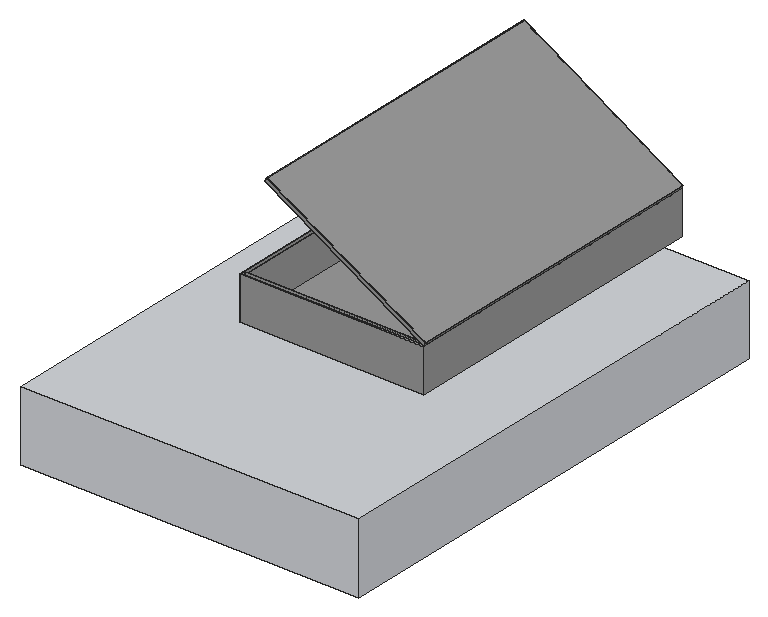
Revit family "Hager-Univers-IP44-D205-H1400-Cl.I-Encl-CH-fr", category Equipement électrique, Revit 2020
Family settings
  Hôte = Face
  Configuration du panneau = Deux colonnes, circuits au sein
  Cote de connecteur circulaire = Utiliser le diamètre
  Type d'élément = Tableau de raccordement
  Couper avec des vides une fois chargée = Non
  Partagée = Non
  Point de calcul de pièce = Non
Parameters (values of type "saillie IP44 L800 H1400 P205  - FP93TN2")
  Width Control [instance] = if([EF000008 - largeur] > Min Width, [EF000008 - largeur], Min Width)  # 800 mm
  Commentaires du type = [HG000003 - Gamme]  # "Univers"
  Thickness Door [instance] = if([EF009171 - épaisseur de matériau de la porte/du couvercle] > 3 mm, 3 mm, [EF009171 - épaisseur de matériau de la porte/du couvercle])  # 1 mm
  Seal Frame Offset [instance] = 17 mm  # constant formula
  Plinth Visibility [instance] = [HG000027 - Hauteur du socle] > 0 mm  # no
  Model = ""
  Min Width [instance] = 100 mm  # constant formula
  Min Height [instance] = 100 mm  # constant formula
  Min Depth [instance] = (2 * [EF009170 - épaisseur de matériau du boîtier]) + 1 mm  # 3 mm
  Internal Frame Depth [instance] = (Door System Depth * 0.5)  # 9 mm
  Height Control [instance] = if([EF000040 - hauteur] > Min Height, [EF000040 - hauteur], Min Height)  # 1400 mm
  HG000027 - Hauteur du socle = 0 mm
  HG000026 - Installation au sol = no
  HG000024 - Hauteur de la section basse = 800 mm
  HG000023 - Armoire double section = no
  HG000016 - Visibilité de la porte 3D [instance] = yes
  HG000015 - Visibilité de l'emprise de la porte [instance] = no
  HG000014 - Porte à droite [instance] = yes
  HG000013 - Porte à gauche [instance] = not([HG000014 - Porte à droite])  # no
  HG000012 - Angle de pivotement de la porte [instance] = 30.00°
  HG000010 - Portes asymétriques = no
  HG000009 - Porte à double battant = no
  HG000006 - Encastré = no
  HG000004 - Référence fabricant = "FP93TN2"
  HG000003 - Gamme = "Univers"
  HG000002 - avec porte = yes
  Frame Offset Bottom [instance] = 10 mm  # constant formula
  Frame Offset [instance] = 15 mm  # constant formula
  EF015940 - couvercle avec décharge de pression = no
  EF011959 - degré de protection (NEMA) = ""
  EF009554 - nombre d'ouvertures pour plaques à bride = 6
  Fabricant = "Hager"  # constant formula
  EF009212 - finition du couvercle = "EV000116 - fermé"
  EF009171 - épaisseur de matériau de la porte/du couvercle = 1 mm
  EF009170 - épaisseur de matériau du boîtier = 1 mm
  EF008873 - courant nominal (In) = 250 A
  EF007800 - adapté à un parafoudre = no
  EF006306 - avec serrure = no
  EF006244 - couvercle/porte transparent(e) = no
  EF005474 - indice de protection (IP) = "EV006418 - IP44"
  EF004464 - type de porte = "EV002646 - unique"
  EF004427 - nombre de modules = 324
  EF004293 - indice de protection contre les chocs (IK) = "EV006815 - IK09"
  EF003532 - convient pour utilisation à l’extérieur = no
  EF002950 - largeur en nombre de modules = 36
  EF001613 - maintien de fonction = "EV000494 - sans"
  EF001596 - matériau du boîtier/corps = "EV000179 - acier"
  EF001131 - profondeur intérieure = 130 mm
  EF001088 - possibilité de montage en saillie = yes
  EF000437 - nombre d'entrées de conduit = 6
  EF000339 - type de capot = "EV001012 - couvercle"
  EF000266 - nombre de rangées = 9
  EF000218 - profondeur d'encastrement = 205 mm
  EF000118 - avec cadre/support de montage = no
  EF000116 - numéro RAL = "9010"
  EF000049 - profondeur = 205 mm
  EF000040 - hauteur = 1400 mm
  EF000008 - largeur = 800 mm
  EF000007 - couleur = "EV000202 - blanc"
  EF000003 - mode de pose = "EV000384 - saillie"
  Door System Leaf Tolerance [instance] = 1.5 mm  # constant formula
  Door System Depth [instance] = 18 mm  # constant formula
  Door Height [instance] = Height Control - [HG000027 - Hauteur du socle]  # 1400 mm
  Depth Control [instance] = if([EF000049 - profondeur] > Min Depth, [EF000049 - profondeur], Min Depth)  # 205 mm
  Default Elevation = 0 mm
  Connector Offset [instance] = Height Control / 2  # 700 mm
  Bottom Top Plate Trim [instance] = 1.5 mm  # constant formula
  Plinth height Ctrl [instance] = if([HG000027 - Hauteur du socle] > 0 mm, [HG000027 - Hauteur du socle], 12 mm)  # 12 mm
Types (10, lengths in mm): name | Width Control | HG000010 - Portes asymétriques | HG000009 - Porte à double battant | HG000004 - Référence fabricant | EF009554 - nombre d'ouvertures pour plaques à bride | EF004464 - type de porte | EF004427 - nombre de modules | EF002950 - largeur en nombre de modules | EF000437 - nombre d'entrées de conduit | EF000218 - profondeur d'encastrement | EF000008 - largeur
  saillie IP44 L1050 H1400 P205  - FP94QT | 1050 | no | no | "FP94QT" | 8 | "EV003602 - double" | 432 | 48 | 8 | 0 | 1050
  saillie IP44 L1050 H1400 P205  - FP94TN2 | 1050 | no | yes | "FP94TN2" | 8 | "EV003602 - double" | 432 | 48 | 8 | 205 | 1050
  saillie IP44 L1300 H1400 P205  - FP95QT | 1300 | no | no | "FP95QT" | 10 | "EV003602 - double" | 540 | 60 | 10 | 0 | 1300
  saillie IP44 L1300 H1400 P205  - FP95TN2 | 1300 | yes | yes | "FP95TN2" | 10 | "EV003602 - double" | 540 | 60 | 10 | 205 | 1300
  saillie IP44 L300 H1400 P205  - FP91QT | 300 | no | no | "FP91QT" | 2 | "EV002646 - unique" | 108 | 12 | 2 | 0 | 300
  saillie IP44 L300 H1400 P205  - FP91TN2 | 300 | no | no | "FP91TN2" | 2 | "EV002646 - unique" | 108 | 12 | 2 | 205 | 300
  saillie IP44 L550 H1400 P205  - FP92QT | 550 | no | no | "FP92QT" | 4 | "EV002646 - unique" | 216 | 24 | 4 | 0 | 550
  saillie IP44 L550 H1400 P205  - FP92TN2 | 550 | no | no | "FP92TN2" | 4 | "EV002646 - unique" | 216 | 24 | 4 | 205 | 550
  saillie IP44 L800 H1400 P205  - FP93QT | 800 | no | no | "FP93QT" | 6 | "EV002646 - unique" | 324 | 36 | 6 | 0 | 800
  saillie IP44 L800 H1400 P205  - FP93TN2 | 800 | no | no | "FP93TN2" | 6 | "EV002646 - unique" | 324 | 36 | 6 | 205 | 800
Reference planes
  plane 1 "Center (Front/Back)": y = 0
  plane 2: z = 0
  plane 3 "Center (Left/Right)": x = 0
  plane 4: z = 205
  plane 5: y = 1
  plane 6: y = 700
  plane 7: y = 0
  plane 8: y = 1400
  plane 9: z = 0
  plane 10: x = -385
  plane 11: x = 385
  plane 12: x = 384
  plane 13: x = -384
  plane 14: y = 1399
  plane 15: x = -383
  plane 16: x = -400
  plane 17: x = 383
  plane 18: x = 400
  plane 19: x = 399
  plane 20: x = -399
  plane 21: y = 11
  plane 22: y = 1400
  plane 23: y = 1384
  plane 24: z = 187
  plane 25: z = 1
  plane 26: z = 186
  plane 27: z = 204
Forms (mm)
  Extrusion 1, solid
    sketch origin (0, 0, 0) x (1, 0, 0) y (0, 1, 0)
      loop
        line (-702.964, 1305) -> (-702.964, -811.445) -> (766.763, -811.445) -> (766.763, 1305) -> (-702.964, 1305)
    from 0 to -304.8
  Extrusion 2, solid, material "Hager_Steel_RAL7035_Light_Grey", visible <- "Plinth Visibility", detail levels medium+fine
    sketch origin (0, 0, 0) x (1, 0, 0) y (0, 1, 0)
      loop
        line (-400, 0) -> (400, 0) -> (400, 12) -> (-400, 12) -> (-400, 0)
    from 0 to 187
  Extrusion 3, solid, material "Hager_Steel_RAL7035_Light_Grey", detail levels medium+fine
    sketch origin (0, 0, 0) x (1, 0, 0) y (0, 1, 0)
      loop
        line (-400, 0) -> (400, 0) -> (400, 1400) -> (-400, 1400) -> (-400, 0)
    from 0 to 187
  Extrusion 4, void
    sketch origin (0, 0, 0) x (1, 0, 0) y (0, 1, 0)
      loop
        line (-399, 1) -> (399, 1) -> (399, 1399) -> (-399, 1399) -> (-399, 1)
    from 1 to 186
  Extrusion 5, void
    sketch origin (-381.607, -4572, 187) x (0, -1, 0) y (-1, 0, 0)
      loop
        line (-4583, 2.393) -> (-5956, 2.393) -> (-5956, -765.607) -> (-4583, -765.607) -> (-4583, 2.393)
    from 0 to 1 <- "EF009170 - épaisseur de matériau du boîtier"
  Extrusion 6, solid, material "Hager_Steel_RAL7035_Light_Grey", detail levels fine
    sketch origin (0, 0, 187) x (1, 0, 0) y (0, 1, 0)
      loop
        line (-384, 1384) -> (-384, 11) -> (384, 11) -> (384, 1384) -> (-384, 1384)
      loop
        line (-385, 10) -> (385, 10) -> (385, 1385) -> (-385, 1385) -> (-385, 10)
    from 0 to 9 <- "Internal Frame Depth"
  Extrusion 7, solid, material "Hager_Steel_RAL7035_Light_Grey", detail levels coarse
    sketch origin (0, 0, 0) x (1, 0, 0) y (0, 1, 0)
      loop
        line (-400, 0) -> (400, 0) -> (400, 1400) -> (-400, 1400) -> (-400, 0)
    from 0 to 205
  Sweep 8, void
    path in 3D
      loop
        line (-400, 12, 0) -> (400, 12, 0) -> (400, 12, 187) -> (-400, 12, 187) -> (-400, 12, 0)
    profile origin (-400, 12, 93.5) x (-1, 0, 0) y (0, -1, 0)
      loop
        line (0, 0) -> (0, 1.5) -> (-1.5, 1.5)
        arc (-1.5, 1.5) -> (-1.061, 0.439) -> (0, 0) r 1.5
Cuts and joins
  Extrusion 4, Extrusion 5 cuts Extrusion 3
  Sweep 8 cuts Extrusion 2
Lines and regions (mm)
  Masking region 1
    outline origin (0, 0, 0) x (1, 0, 0) y (0, 0, 1)
      loop
        line (-400, 205) -> (-400, 0) -> (400, 0) -> (400, 205) -> (-400, 205)
  Masking region 2, detail levels medium+fine
    outline origin (0, 140, 0) x (0, 1, 0) y (0, 0, 1)
      loop
        line (-140, 0) -> (1260, 0) -> (1260, 187) -> (-140, 187) -> (-140, 0)
  Masking region 3, not visible, detail levels medium+fine
    outline origin (0, 297.922, 0) x (0, 1, 0) y (0, 0, 1)
      loop
        line (413.578, 0) -> (453.578, 0) -> (453.578, 194)
        arc (453.578, 194) -> (450.649, 201.071) -> (443.578, 204) r 10
        line (443.578, 204) -> (413.578, 204) -> (413.578, 0)
  Masking region 4, detail levels coarse
    outline origin (0, 0, 180) x (0, 1, 0) y (0, 0, 1)
      loop
        line (0, -180) -> (1400, -180) -> (1400, 25) -> (0, 25) -> (0, -180)
  Masking region 5, visible <- "Plinth Visibility", detail levels medium+fine
    outline origin (0, 52.24, 12.345) x (0, 0, -1) y (0, 1, 0)
      loop
        line (10.845, -40.24) -> (-173.155, -40.24)
        arc (-173.155, -40.24) -> (-173.594, -41.301) -> (-174.655, -41.74) r 1.5
        line (-174.655, -41.74) -> (-174.655, -52.24) -> (12.345, -52.24) -> (12.345, -41.74)
        arc (12.345, -41.74) -> (11.285, -41.301) -> (10.845, -40.24) r 1.5
  Masking region 6, detail levels medium+fine
    outline origin (-381.607, -4572, 187) x (-1, 0, 0) y (0, -1, 0)
      loop
        line (18.393, -5972) -> (18.393, -4572) -> (-781.607, -4572) -> (-781.607, -5972) -> (18.393, -5972)
  Masking region 7, visible <- "Plinth Visibility", detail levels medium+fine
    outline origin (-381.607, -4727, 187) x (-1, 0, 0) y (0, -1, 0)
      loop
        arc (16.893, -4739) -> (17.332, -4737.939) -> (18.393, -4737.5) r 1.5
        line (18.393, -4737.5) -> (18.393, -4727) -> (-781.607, -4727) -> (-781.607, -4737.5)
        arc (-781.607, -4737.5) -> (-780.546, -4737.939) -> (-780.107, -4739) r 1.5
        line (-780.107, -4739) -> (16.893, -4739)
  Masking region 8, detail levels coarse
    outline origin (-442.548, -4669.526, 187) x (-1, 0, 0) y (0, -1, 0)
      loop
        line (-42.548, -6069.526) -> (-42.548, -4669.526) -> (-842.548, -4669.526) -> (-842.548, -6069.526) -> (-42.548, -6069.526)
  sketch lines
    curve 1: line (-400, 12, 187) -> (-400, 12, 0)
    curve 2: line (400, 12, 187) -> (-400, 12, 187)
    curve 3: line (400, 12, 187) -> (400, 12, 0)
    curve 4: line (-400, 12, 0) -> (400, 12, 0)
Dimensions and locks
  "Depth Control": plane 4 to Extrusion 1
  "HG000027 - Hauteur du socle": plane 1 "Center (Front/Back)" to plane 7
  "EF009170 - épaisseur de matériau du boîtier": plane 5 to plane 7
  locked: connector elem to plane 3 "Center (Left/Right)"
  equal spacing: plane 8, plane 6, plane 7
  locked: connector elem to plane 6
  "EF009170 - épaisseur de matériau du boîtier": plane 8 to plane 14
  "EF009170 - épaisseur de matériau du boîtier": plane 10 to plane 13
  "EF009170 - épaisseur de matériau du boîtier": plane 12 to plane 11
  "Frame Offset": plane 20 to plane 13
  "Frame Offset": plane 12 to plane 19
  "EF009170 - épaisseur de matériau du boîtier": plane 16 to plane 20
  "EF009170 - épaisseur de matériau du boîtier": plane 19 to plane 18
  "Seal Frame Offset": plane 16 to plane 15
  "Seal Frame Offset": plane 17 to plane 18
  "Frame Offset Bottom": plane 21 to plane 5
  "Frame Offset": plane 14 to plane 23
  equal spacing: plane 16, plane 3 "Center (Left/Right)", plane 18
  "Width Control": plane 16 to plane 18
  "EF009170 - épaisseur de matériau du boîtier": plane 4 to plane 27
  "EF009170 - épaisseur de matériau du boîtier": plane 24 to plane 26
  "EF009170 - épaisseur de matériau du boîtier": plane 25 to level
  "Door System Depth": plane 4 to plane 24
  "Height Control": plane 1 "Center (Front/Back)" to Extrusion 7 sketch curve
  "Height Control": Masking region 4 sketch curve to plane 1 "Center (Front/Back)"
  "Height Control": plane 1 "Center (Front/Back)" to plane 22
  "Bottom Top Plate Trim": profile plane to Sweep 8 sketch curve
  "Bottom Top Plate Trim": Sweep 8 sketch curve to profile plane
  "Plinth height Ctrl": plane 1 "Center (Front/Back)" to Extrusion 2 sketch curve
  "Plinth height Ctrl": Masking region 5 sketch curve to plane 1 "Center (Front/Back)"
  "Plinth height Ctrl": plane 1 "Center (Front/Back)" to Masking region 7 sketch curve
  "Thickness Door": Extrusion 6 sketch curve to Extrusion 6 sketch curve  (x3)
  "Thickness Door": cut or joined group of Extrusion 3, Extrusion 4, Extrusion 5 to Extrusion 6 sketch curve
  radius of Masking region 3 sketch curve = 10 mm
  "Bottom Top Plate Trim": radius of Masking region 5 sketch curve  (x2)
  "Bottom Top Plate Trim": radius of Sweep 8 sketch curve
  "Bottom Top Plate Trim": radius of Masking region 7 sketch curve  (x2)
  aligned and locked: plane 2 to Extrusion 1
  aligned and locked: level to Extrusion 1
  aligned and locked: level to Masking region 1 sketch curve
  aligned and locked: Masking region 1 sketch curve to plane 18
  aligned and locked: Masking region 1 sketch curve to plane 16
  aligned and locked: plane 7 to Masking region 2 sketch curve
  aligned and locked: level to Masking region 3 sketch curve
  aligned and locked: Masking region 3 sketch curve to plane 27
  aligned and locked: level to Masking region 2 sketch curve
  aligned and locked: plane 1 "Center (Front/Back)" to Extrusion 2 sketch curve
  aligned and locked: Extrusion 3 sketch curve to plane 7
  aligned and locked: plane 16 to Extrusion 3 sketch curve
  aligned and locked: plane 18 to Extrusion 3 sketch curve
  aligned and locked: plane 20 to Extrusion 4 sketch curve
  aligned and locked: plane 19 to Extrusion 4 sketch curve
  aligned and locked: Extrusion 4 sketch curve to plane 5
  aligned and locked: Extrusion 4 to plane 25
  aligned and locked: plane 26 to Extrusion 4
  aligned and locked: plane 24 to Extrusion 3
  aligned and locked: Extrusion 5 sketch curve to plane 21
  aligned and locked: Extrusion 5 sketch curve to plane 13
  aligned and locked: Extrusion 5 sketch curve to plane 12
  aligned and locked: plane 18 to Extrusion 7 sketch curve
  aligned and locked: plane 1 "Center (Front/Back)" to Extrusion 7 sketch curve
  aligned and locked: plane 16 to Extrusion 7 sketch curve
  aligned and locked: plane 4 to Extrusion 7
  aligned and locked: Extrusion 7 to level
  aligned and locked: level to Masking region 4 sketch curve
  aligned and locked: Masking region 4 sketch curve to plane 1 "Center (Front/Back)"
  aligned and locked: Masking region 4 sketch curve to plane 4
  aligned and locked: nested 1 to level
  aligned and locked: nested 1 to plane 16
  aligned and locked: plane 8 to Extrusion 3 sketch curve
  aligned and locked: plane 23 to Extrusion 5 sketch curve
  aligned and locked: plane 14 to Extrusion 4 sketch curve
  aligned and locked: Masking region 2 sketch curve to plane 8
  aligned and locked: level to Masking region 5 sketch curve
  aligned and locked: plane 16 to Extrusion 2 sketch curve
  aligned and locked: plane 18 to Extrusion 2 sketch curve
  aligned and locked: Masking region 5 sketch curve to plane 24
  aligned and locked: Masking region 2 sketch curve to plane 24
  aligned and locked: plane 24 to Extrusion 2
  aligned and locked: profile plane to Sweep 8 sketch curve  (x2)
  aligned and locked: Masking region 6 sketch curve to plane 18
  aligned and locked: Masking region 6 sketch curve to plane 22
  aligned and locked: Masking region 6 sketch curve to plane 16
  aligned and locked: plane 8 to plane 22
  aligned and locked: Masking region 6 sketch curve to plane 7
  aligned and locked: Masking region 7 sketch curve to plane 16
  aligned and locked: Masking region 7 sketch curve to plane 1 "Center (Front/Back)"
  aligned and locked: Masking region 7 sketch curve to plane 18
  aligned and locked: Masking region 8 sketch curve to plane 1 "Center (Front/Back)"
  aligned and locked: Masking region 8 sketch curve to plane 18
  aligned and locked: Masking region 8 sketch curve to plane 22
  aligned and locked: Masking region 8 sketch curve to plane 16
  aligned and locked: nested 2 to plane 7
  aligned and locked: plane 3 "Center (Left/Right)" to nested 2
  aligned and locked: nested 2 to plane 24
  aligned and locked: Extrusion 6 sketch curve to cut or joined group of Extrusion 3, Extrusion 4, Extrusion 5  (x4)
Automatic sketch dimensions
  Extrusion 1 sketch curve to Extrusion 1 sketch curve = 1469.727 mm
  Extrusion 1 sketch curve to Extrusion 1 sketch curve = 2116.445 mm
  Masking region 1 sketch curve to plane 4 = 0 mm
  plane 6 to Masking region 3 sketch curve = 11.5 mm
  Masking region 3 sketch curve to Masking region 3 sketch curve = 30 mm
  Masking region 5 sketch curve to plane 1 "Center (Front/Back)" = 0 mm
Nested families
  nested 1: "Hager_Enclosure_Symbol" at (-400, 0, 0) x (1, 0, 0) z (0, -1, 0), Height <- "Depth Control", Width <- "Width Control", type "Hager_Enclosure_Symbol"
    with Width_Ctrl 800 mm, Width 800 mm, Height_Ctrl 205 mm, Height 205 mm, A_Width_Int 13.453 mm, A_Width 161.438 mm, A_Height_Ctrl 179.375 mm, A_Height 179.375 mm
  nested 2: "EC000058_Univers_Door" at (0, 0, 187) x (1, 0, 0) z (0, 1, 0), Leaf_Tolerance <- "Door System Leaf Tolerance", Angle <- "HG000012 - Angle de pivotement de la porte", Door_Depth <- "Door System Depth", Door_Left <- "HG000013 - Porte à gauche", Transparent <- "EF006244 - couvercle/porte transparent(e)", Assymetrical <- "HG000010 - Portes asymétriques", Width <- "Width Control", Clearance <- "HG000015 - Visibilité de l'emprise de la porte", Double <- "HG000009 - Porte à double battant", 3d_Door <- "HG000016 - Visibilité de la porte 3D", Lock_Visibility <- "EF006306 - avec serrure", Width_Ctrl <- "Width Control", Door_Right <- "HG000014 - Porte à droite", Door <- "HG000002 - avec porte", Height <- "Door Height", Thickness <- "Thickness Door", type "EC000058_Univers_Door", detail levels medium+fine
    with min_wh 3 mm, Width_Ctrl 800 mm, Width 800 mm, Transparent no, Thickness 1 mm, Seal_Material Hager_Rubber, Lock_Visibility no, Lock_Material Hager_Plastic_RAL9005_Jet_Black, Leaf_Width 800 mm, Leaf_Tolerance_External_Sides 0 mm, Leaf_Tolerance 1.5 mm, Leaf_Offset 0 mm, Leaf_Height 1397 mm, Leaf_2_Width 800 mm, Leaf_2_Offset 400 mm, Leaf_1_Width 800 mm, Leaf_1_Offset 400 mm, Height_Ctrl 1400 mm, Height 1400 mm, Glass_Material Hager_Glass, Double_Clearance_Ctrl no, Double no, Door_Right_Ctrl yes, Door_Right yes, Door_Material Hager_Steel_RAL7035_Light_Grey, Door_Left_Ctrl no, Door_Left no, Door_Depth 18 mm, Door yes, Clearance_Material Hager_Clearance, Clearance_Depth 800 mm, Clearance_Ctrl no, Clearance no, Assymetrical no, Angle 30.00°, 3d_Door yes
Connectors
  electrical at (0, 700, 0)
    settings: on plane 9, index 1, voltage 0 V, apparent load 0 VA, apparent load phase1 0 VA, apparent load phase2 0 VA, apparent load phase3 0 VA, power factor 1, load classification "Other", number of poles 1, system type 30, power factor state 1, is connector primary yes, connector utility no, sub classification motor no, connector description ""
Definition of nested family "EC000058_Univers_Door"
  Parameters (values of type "EC000058_Univers_Door")
    min_wh [instance] = (2 * Thickness) + 1 mm  # 11 mm
    Width_Ctrl [instance] = 400 mm
    Width [instance] = 500 mm
    Transparent [instance] = yes
    Thickness [instance] = 5 mm
    Seal_Material [instance] = none
    Lock_Visibility [instance] = yes
    Lock_Material [instance] = none
    Leaf_Width [instance] = if((Width_Ctrl - 2 * Leaf_Tolerance_External_Sides) > 0 mm, (Width_Ctrl - 2 * Leaf_Tolerance_External_Sides), min_wh)  # 400 mm
    Leaf_Tolerance_External_Sides [instance] = 0 mm  # constant formula
    Leaf_Tolerance [instance] = 1.5 mm
    Leaf_Offset [instance] = 0 mm  # constant formula
    Leaf_Height [instance] = if((Height_Ctrl - 2 * Leaf_Tolerance) > 0 mm, (Height_Ctrl - 2 * Leaf_Tolerance), min_wh)  # 497 mm
    Leaf_2_Width [instance] = if(and(and(Double, Assymetrical), Door_Left), (Leaf_Width / 3) - (Leaf_Tolerance / 2), if(and(and(Double, Assymetrical), Door_Right), (Leaf_Width / 3) * 2 - (Leaf_Tolerance / 2), if(and(Double, not(Assymetrical)), (Leaf_Width / 2) - Leaf_Tolerance, Leaf_Width)))  # 400 mm
    Leaf_2_Offset [instance] = if(and(Double, Assymetrical), Leaf_2_Width / 2, if(and(Double, not(Assymetrical)), Leaf_Width / 4, Leaf_Width / 2))  # 200 mm
    Leaf_1_Width [instance] = if(and(and(Double, Assymetrical), Door_Right), (Leaf_Width / 3) - (Leaf_Tolerance / 2), if(and(and(Double, Assymetrical), Door_Left), (Width / 3) * 2 - (Leaf_Tolerance / 2), if(and(Double, not(Assymetrical)), (Leaf_Width / 2) - Leaf_Tolerance, Leaf_Width)))  # 400 mm
    Leaf_1_Offset [instance] = if(and(Double, Assymetrical), Leaf_1_Width / 2, if(and(Double, not(Assymetrical)), Leaf_Width / 4, Leaf_Width / 2))  # 200 mm
    Height_Ctrl [instance] = if(Height > min_wh, Height, min_wh)  # 500 mm
    Height [instance] = 500 mm
    Glass_Material [instance] = none
    Double_Clearance_Ctrl [instance] = and(Double, Clearance)  # no
    Double [instance] = no
    Door_Right_Ctrl [instance] = and(or(Door_Right, Double), Door)  # yes
    Door_Right [instance] = yes
    Door_Material [instance] = none
    Door_Left_Ctrl [instance] = and(or(Door_Left, Double), Door)  # no
    Door_Left [instance] = no
    Door_Depth [instance] = 30 mm
    Door [instance] = yes
    Default Elevation = 1219.2 mm
    Clearance_Material [instance] = none
    Clearance_Depth [instance] = if(Leaf_1_Width > Leaf_2_Width, Leaf_1_Width, Leaf_2_Width)  # 400 mm
    Clearance_Ctrl [instance] = and(not(Double), Clearance)  # yes
    Clearance [instance] = yes
    Assymetrical [instance] = yes
    Angle [instance] = 30.00°
    3d_Door [instance] = yes
  Reference planes
    plane 1 "Center (Front/Back)": y = 0
    plane 2 "Bottom": z = 0
    plane 3 "Center (Left/Right)": x = 0
    plane 4: z = 500
    plane 5: x = -200
    plane 6: x = 200
    plane 7: z = 500
    plane 8: x = -200
    plane 9: z = 0
    plane 10: x = 200
    plane 11: y = 0
    plane 12: z = 1.5
    plane 13: x = -600
    plane 14: y = -400
    plane 15: x = 600
    plane 16: x = 0
    plane 17: x = 0
    plane 18: x = -200
    plane 19: x = 200
    plane 20: z = 498.5
  Forms (mm)
    Extrusion 1, solid, material <- "Clearance_Material", visible <- "Double_Clearance_Ctrl"
      sketch origin (1200, 0, 0) x (1, 0, 0) y (0, 0, -1)
        loop
          line (-1800, -498.5) -> (-600, -498.5) -> (-600, 0) -> (-1800, 0) -> (-1800, -498.5)
      from 0 to -400
  Dimensions and locks
    equal spacing: plane 5, plane 3 "Center (Left/Right)", plane 6
    "Width_Ctrl": plane 5 to plane 6
    "Leaf_Offset": plane 5 to plane 8
    "Leaf_Offset": plane 6 to plane 10
    "Leaf_Offset": plane 9 to level
    "Leaf_Offset": plane 4 to plane 7
    "Height_Ctrl": plane 4 to level
    "Leaf_Tolerance": plane 12 to plane 9
    locked: plane 11 to plane 1 "Center (Front/Back)"
    "Leaf_1_Offset": plane 18 to plane 16
    "Leaf_2_Offset": plane 17 to plane 19
    "Leaf_1_Width": plane 13 to plane 8
    "Leaf_2_Width": plane 10 to plane 15
    "Clearance_Depth": plane 14 to plane 1 "Center (Front/Back)"
    "Leaf_Tolerance_External_Sides": plane 8 to plane 18
    "Leaf_Tolerance_External_Sides": plane 19 to plane 10
    "Leaf_Tolerance": plane 7 to plane 20
    aligned and locked: level to plane 2 "Bottom"
    aligned and locked: nested 1 to plane 16
    aligned and locked: nested 2 to plane 17
    aligned and locked: Extrusion 1 to plane 13
    aligned and locked: plane 15 to Extrusion 1
    aligned and locked: Extrusion 1 to plane 14
    aligned and locked: plane 12 to nested 1
    aligned and locked: nested 2 to plane 12
    aligned and locked: Extrusion 1 to plane 11
    aligned and locked: plane 20 to Extrusion 1
    aligned and locked: nested 2 to plane 11
    aligned and locked: nested 1 to plane 11
  Automatic sketch dimensions
    Extrusion 1 sketch curve to level = 0 mm
    plane 5 to Extrusion 1 sketch curve = 400 mm
    plane 6 to Extrusion 1 sketch curve = 400 mm
    Extrusion 1 sketch curve to plane 4 = 1.5 mm
  Nested families
    nested 1: "EC000058_Univers_Door_Leaf" at (0, 0, 1.5), Width <- "Leaf_1_Width", visible <- "Door_Left_Ctrl", Leaf_Height <- "Leaf_Height", Angle <- "Angle", 3d_Door <- "3d_Door", Transparent <- "Transparent", Clearance Material <- "Clearance_Material", Clearance <- "Clearance_Ctrl", Door_Material <- "Door_Material", Glass_Material <- "Glass_Material", Door_Depth <- "Door_Depth", Lock_Material <- "Lock_Material", Seal_Material <- "Seal_Material", Lock_Visibility <- "Lock_Visibility", Thickness <- "Thickness", type "EC000058_Univers_Door_Leaf"
      with Width 400 mm, Transparent_Glass_Offset 30 mm, Transparent_Ctrl yes, Transparent yes, Thickness 5 mm, Standard no, Seal_Material none, Seal_D2 8 mm, Seal_D1 1 mm, Offset_Internal_Frame 10 mm, Lock_Width 20 mm, Lock_Visibility_3d yes, Lock_Visibility yes, Lock_Thickness_3 3 mm, Lock_Thickness_2 1 mm, Lock_Thickness_1 3 mm, Lock_Radius_Offset_2 16 mm, Lock_Radius_Offset_1 15 mm, Lock_Radius_2 5 mm, Lock_Radius 6 mm, Lock_Offset 5 mm, Lock_Material none, Lock_Height 80 mm, Lock_Cover_Top_Offset_2d 17 mm, Lock_Cover_Height -65 mm, Leaf_Height 497 mm, Internal_Seal_Thickness 8 mm, Internal_Seal_Depth_2 4.5 mm, Internal_Frame_Depth 25 mm, Glass_Thickness -1 mm, Glass_Offset -2 mm, Glass_Material none, Door_Material none, Door_Depth 30 mm, Clearance Material none, Clearance yes, Angle_Ctrl 30.00°, Angle 30.00°, 3d_Door yes
    nested 2: "EC000058_Univers_Door_Leaf" at (0, 0, 1.5) x (-1, 0, 0) z (0, 0, 1), Width <- "Leaf_2_Width", visible <- "Door_Right_Ctrl", Leaf_Height <- "Leaf_Height", Angle <- "Angle", 3d_Door <- "3d_Door", Transparent <- "Transparent", Clearance Material <- "Clearance_Material", Clearance <- "Clearance_Ctrl", Door_Material <- "Door_Material", Glass_Material <- "Glass_Material", Door_Depth <- "Door_Depth", Lock_Material <- "Lock_Material", Seal_Material <- "Seal_Material", Lock_Visibility <- "Lock_Visibility", Thickness <- "Thickness", type "EC000058_Univers_Door_Leaf"
      with Width 400 mm, Transparent_Glass_Offset 30 mm, Transparent_Ctrl yes, Transparent yes, Thickness 5 mm, Standard no, Seal_Material none, Seal_D2 8 mm, Seal_D1 1 mm, Offset_Internal_Frame 10 mm, Lock_Width 20 mm, Lock_Visibility_3d yes, Lock_Visibility yes, Lock_Thickness_3 3 mm, Lock_Thickness_2 1 mm, Lock_Thickness_1 3 mm, Lock_Radius_Offset_2 16 mm, Lock_Radius_Offset_1 15 mm, Lock_Radius_2 5 mm, Lock_Radius 6 mm, Lock_Offset 5 mm, Lock_Material none, Lock_Height 80 mm, Lock_Cover_Top_Offset_2d 17 mm, Lock_Cover_Height -65 mm, Leaf_Height 497 mm, Internal_Seal_Thickness 8 mm, Internal_Seal_Depth_2 4.5 mm, Internal_Frame_Depth 25 mm, Glass_Thickness -1 mm, Glass_Offset -2 mm, Glass_Material none, Door_Material none, Door_Depth 30 mm, Clearance Material none, Clearance yes, Angle_Ctrl 30.00°, Angle 30.00°, 3d_Door yes
  Definition of nested family "EC000058_Univers_Door_Leaf"
    Parameters (values of type "EC000058_Univers_Door_Leaf")
      Width [instance] = 2000 mm
      Transparent_Glass_Offset [instance] = 30 mm
      Transparent_Ctrl [instance] = and(Transparent, [3d_Door])  # yes
      Transparent [instance] = yes
      Thickness [instance] = 5 mm
      Standard [instance] = and(not(Transparent), [3d_Door])  # no
      Seal_Material [instance] = none
      Seal_D2 [instance] = 8 mm  # constant formula
      Seal_D1 [instance] = 1 mm  # constant formula
      Offset_Internal_Frame [instance] = 10 mm  # constant formula
      Lock_Width [instance] = 20 mm  # constant formula
      Lock_Visibility_3d [instance] = and(Lock_Visibility, [3d_Door])  # yes
      Lock_Visibility [instance] = yes
      Lock_Thickness_3 [instance] = 3 mm  # constant formula
      Lock_Thickness_2 [instance] = 1 mm  # constant formula
      Lock_Thickness_1 [instance] = 3 mm  # constant formula
      Lock_Radius_Offset_2 [instance] = Lock_Radius_Offset_1 + 1 mm  # 16 mm
      Lock_Radius_Offset_1 [instance] = 15 mm  # constant formula
      Lock_Radius_2 [instance] = Lock_Radius - 1 mm  # 5 mm
      Lock_Radius [instance] = 6 mm  # constant formula
      Lock_Offset [instance] = 5 mm  # constant formula
      Lock_Material [instance] = none
      Lock_Height [instance] = 80 mm  # constant formula
      Lock_Cover_Top_Offset_2d [instance] = Lock_Radius_Offset_2 + 1 mm  # 17 mm
      Lock_Cover_Height [instance] = -(Lock_Height - Lock_Radius_Offset_1)  # -65 mm
      Leaf_Height [instance] = 2720.336 mm
      Internal_Seal_Thickness [instance] = 8 mm  # constant formula
      Internal_Seal_Depth_2 [instance] = 4.5 mm  # constant formula
      Internal_Frame_Depth [instance] = if(Door_Depth - Thickness > 5 mm, Door_Depth - Thickness, 5 mm)  # 25 mm
      Glass_Thickness [instance] = if(Thickness > 15 mm, Glass_Offset + 10 mm, -1 mm)  # -1 mm
      Glass_Offset [instance] = if(Thickness > 15 mm, -(Thickness + 10 mm) / 2, -2 mm)  # -2 mm
      Glass_Material [instance] = none
      Door_Material [instance] = none
      Door_Depth [instance] = 30 mm
      Default Elevation = 0 mm
      Clearance Material [instance] = none
      Clearance [instance] = yes
      Angle_Ctrl [instance] = if(Angle > 180.00°, 180.00°, Angle)  # 90.00°
      Angle [instance] = 90.00°
      3d_Door [instance] = yes
    Reference planes
      plane 1 "Center (Front/Back)": y = 0
      plane 2: z = 0
      plane 3 "Center (Left/Right)": x = 0
      plane 4: y = 2000
      plane 5: x = -1000
      plane 6: x = 1000
      plane 7: x = -3000
      plane 8: z = 2720.336
      plane 9: z = 30
      plane 10: z = 2690.336
      plane 11: x = 970
      plane 12: x = -970
      plane 13: y = -3
      plane 14: z = 107.833
      plane 15: y = -5
      plane 16: y = -223.314
      plane 17: x = -1000
      plane 18: z = 1360.168
      plane 19: y = 30
    Forms (mm)
      Extrusion 1, solid, material <- "Clearance Material", visible <- "Clearance"
        sketch origin (0, 0, 0) x (1, 0, 0) y (0, 0, 1)
          loop
            line (-3000, 2720.336) -> (-3000, 0) -> (1000, 0) -> (1000, 2720.336) -> (-3000, 2720.336)
        from 0 to -2000
      Extrusion 2, solid, material <- "Door_Material", visible <- "Standard", detail levels medium+fine
        sketch origin (-1000, 0, 0) x (0, 1, 0) y (-1, 0, 0)
          loop
            line (0, 30) -> (0, 25) -> (2000, 25) -> (2000, 30) -> (0, 30)
        from 0 to 2720.336 <- "Leaf_Height"
      Extrusion 3, solid, material <- "Door_Material", visible <- "Transparent_Ctrl", detail levels medium+fine
        sketch origin (-1000, 0, 0) x (0, 1, 0) y (-1, 0, 0)
          loop
            line (0, 25) -> (2000, 25) -> (2000, 30) -> (0, 30) -> (0, 25)
        from 0 to 2720.336 <- "Leaf_Height"
      Extrusion 4, void
        sketch origin (-1025, 2000, 0) x (0, 1, 0) y (0, 0, -1)
          loop
            line (-30, -2690.336) -> (-30, -30) -> (-1970, -30) -> (-1970, -2690.336) -> (-30, -2690.336)
        from 0 to 5 <- "Thickness"
      Sweep 5, solid, material <- "Seal_Material", visible <- "Transparent_Ctrl", detail levels fine
        path in 3D
          loop
            line (-1025, 30, 30) -> (-1025, 30, 2690.336) -> (-1025, 1970, 2690.336) -> (-1025, 1970, 30) -> (-1025, 30, 30)
        profile origin (-1025, 1000, 30) x (1, 0, 0) y (0, 0, 1)
          loop
            line (0, 0) -> (0, -8) -> (1, -8) -> (1, 0) -> (0, 0)
      Extrusion 6, solid, material <- "Glass_Material", visible <- "Transparent_Ctrl", detail levels medium+fine
        sketch origin (-1030, 0, 0) x (0, 1, 0) y (0, 0, -1)
          loop
            line (1970, -2690.336) -> (1970, -30) -> (30, -30) -> (30, -2690.336) -> (1970, -2690.336)
        from -2 <- "Glass_Offset" to -1 <- "Glass_Thickness"
      Extrusion 7, solid, material <- "Door_Material", visible <- "3d_Door", detail levels medium+fine
        sketch origin (-1025, 2000, 0) x (0, -1, 0) y (0, 0, -1)
          loop
            line (0, -2720.336) -> (2000, -2720.336) -> (2000, 0) -> (0, 0) -> (0, -2720.336)
          loop
            line (1995, -5) -> (5, -5) -> (5, -2715.336) -> (1995, -2715.336) -> (1995, -5)
        from 0 to 25 <- "Internal_Frame_Depth"
      Sweep 8, solid, material <- "Seal_Material", visible <- "Transparent_Ctrl", detail levels fine
        path in 3D
          loop
            line (-1025, 0, 0) -> (-1025, 2000, 0) -> (-1025, 2000, 2720.336) -> (-1025, 0, 2720.336) -> (-1025, 0, 0)
        profile origin (-1025, 0, 1360.168) x (1, 0, 0) y (0, 1, 0)
          loop
            line (0, 10) -> (2.975, 10)
            arc (2.975, 10) -> (4.053, 10.447) -> (4.5, 11.525) r 1.525
            line (4.5, 11.525) -> (4.5, 16.527)
            arc (4.5, 16.527) -> (4.069, 17.569) -> (3.027, 18) r 1.473
            line (3.027, 18) -> (0, 18) -> (0, 10)
      Extrusion 9, solid, material <- "Lock_Material", visible <- "Lock_Visibility_3d", detail levels fine
        sketch origin (-1030, 0, 0) x (0, 1, 0) y (0, 0, -1)
          loop
            arc (1993.5, -1400.168) -> (1994.561, -1399.729) -> (1995, -1398.668) r 1.5
            line (1995, -1398.668) -> (1995, -1320.168) -> (1975, -1320.168) -> (1975, -1398.668)
            arc (1975, -1398.668) -> (1975.439, -1399.729) -> (1976.5, -1400.168) r 1.5
            line (1976.5, -1400.168) -> (1993.5, -1400.168)
        from 3 <- "Lock_Thickness_1" to 0
      Blend 10, solid, material <- "Lock_Material", visible <- "Lock_Visibility_3d", detail levels fine
        base sketch origin (-1033, 0, 0) x (0, 1, 0) y (0, 0, -1)
          loop
            line (1975, -1320.168) -> (1975, -1398.668)
            arc (1975, -1398.668) -> (1975.439, -1399.729) -> (1976.5, -1400.168) r 1.5
            line (1976.5, -1400.168) -> (1993.5, -1400.168)
            arc (1993.5, -1400.168) -> (1994.561, -1399.729) -> (1995, -1398.668) r 1.5
            line (1995, -1398.668) -> (1995, -1320.168) -> (1975, -1320.168)
        top sketch origin (-1033, 0, 0) x (0, 1, 0) y (0, 0, -1)
          loop
            line (1976, -1320.168) -> (1976, -1398.668)
            arc (1976, -1398.668) -> (1976.146, -1399.022) -> (1976.5, -1399.168) r 0.5
            line (1976.5, -1399.168) -> (1993.5, -1399.168)
            arc (1993.5, -1399.168) -> (1993.854, -1399.022) -> (1994, -1398.668) r 0.5
            line (1994, -1398.668) -> (1994, -1320.168) -> (1976, -1320.168)
        from 0 to 1 <- "Lock_Thickness_2"
      Blend 11, solid, material <- "Lock_Material", visible <- "Lock_Visibility_3d", detail levels fine
        base sketch origin (-1034, 0, 0) x (0, 1, 0) y (0, 0, -1)
          loop
            line (1978, -1320.168) -> (1978, -1384.168)
            arc (1978, -1384.168) -> (1985, -1391.168) -> (1992, -1384.168) r 7
            line (1992, -1384.168) -> (1992, -1320.168) -> (1978, -1320.168)
        top sketch origin (-1034, 0, 0) x (0, 1, 0) y (0, 0, -1)
          loop
            line (1991, -1320.168) -> (1979, -1320.168) -> (1979, -1383.168)
            arc (1979, -1383.168) -> (1985, -1389.168) -> (1991, -1383.168) r 6
            line (1991, -1383.168) -> (1991, -1320.168)
        from 0 to 3 <- "Lock_Thickness_3"
      Extrusion 12, solid, material <- "Lock_Material", visible <- "Lock_Visibility_3d", detail levels fine
        sketch origin (-1030, 1975, 1320.168) x (1, 0, 0) y (0, -1, 0)
          loop
            line (-7, -19) -> (-7, -1) -> (0, -1) -> (0, 0) -> (-8, 0) -> (-8, -20) -> (0, -20) -> (0, -19) -> (-7, -19)
        from 0 to -65 <- "Lock_Cover_Height"
      Extrusion 13, void
        sketch origin (-1038, 1995, 1320.168) x (-1, 0, 0) y (0, 0, -1)
          loop
            line (-5, -65) -> (0, -65) -> (-5, -60) -> (-5, -65)
        from 0 to 20 <- "Lock_Width"
      Extrusion 14, void
        sketch origin (-1038, 1975, 1320.168) x (0, -1, 0) y (0, 0, -1)
          loop
            circle (-10, -15.995) r 6
          loop
            circle (-10, -15.995) r 5
        from 0 to 2
      Extrusion 15, solid, material <- "Lock_Material", visible <- "Lock_Visibility_3d", detail levels medium
        sketch origin (-1030, 0, 0) x (0, 1, 0) y (0, 0, -1)
          loop
            arc (1993.5, -1400.168) -> (1994.561, -1399.729) -> (1995, -1398.668) r 1.5
            line (1995, -1398.668) -> (1995, -1320.168) -> (1975, -1320.168) -> (1975, -1398.668)
            arc (1975, -1398.668) -> (1975.439, -1399.729) -> (1976.5, -1400.168) r 1.5
            line (1976.5, -1400.168) -> (1993.5, -1400.168)
        from 8 to 0
    Cuts and joins
      Extrusion 4 cuts Extrusion 3
      Extrusion 13, Extrusion 14 cuts Extrusion 9
      Extrusion 14 cuts Blend 11
      Extrusion 13, Extrusion 14 cuts Extrusion 12
      joined: Extrusion 9, Blend 10, Blend 11, Extrusion 12
      Extrusion 14 cuts Extrusion 15
    Lines and regions (mm)
      Masking region 1, visible <- "Lock_Visibility", detail levels fine
        outline origin (0, 0, 0) x (0, 1, 0) y (0, 0, 1)
          loop
            line (30, 1320.168) -> (33, 1320.168) -> (33, 1400.168) -> (30, 1400.168) -> (30, 1320.168)
      Masking region 2, visible <- "Lock_Visibility", detail levels fine
        outline origin (0, 3.143, 0) x (0, 1, 0) y (0, 0, 1)
          loop
            line (29.857, 1354.168) -> (30.857, 1354.168) -> (30.857, 1366.168) -> (29.857, 1366.168) -> (29.857, 1354.168)
      Masking region 3, detail levels medium+fine
        outline origin (0, 0, 0) x (0, 1, 0) y (0, 0, 1)
          loop
            line (0, 0) -> (30, 0) -> (30, 2720.336) -> (0, 2720.336) -> (0, 0)
      Masking region 4, detail levels medium+fine
        outline origin (0, 0, 0) x (1, 0, 0) y (0, 0, 1)
          loop
            line (-1000, 2720.336) -> (-1000, 0) -> (1000, 0) -> (1000, 2720.336) -> (-1000, 2720.336)
      Masking region 5, visible <- "Lock_Visibility", detail levels fine
        outline origin (-47.116, 0, 0) x (1, 0, 0) y (0, 0, 1)
          loop
            arc (1024.616, 1399.168) -> (1023.556, 1398.729) -> (1023.116, 1397.668) r 1.5
            line (1023.116, 1397.668) -> (1023.116, 1320.168) -> (1041.116, 1320.168) -> (1041.116, 1397.668)
            arc (1041.116, 1397.668) -> (1040.677, 1398.729) -> (1039.616, 1399.168) r 1.5
            line (1039.616, 1399.168) -> (1024.616, 1399.168)
      Masking region 6, visible <- "Lock_Visibility", detail levels medium+fine
        outline origin (-25, 0, 0) x (1, 0, 0) y (0, 0, 1)
          loop
            arc (1001.5, 1400.168) -> (1000.439, 1399.729) -> (1000, 1398.668) r 1.5
            line (1000, 1398.668) -> (1000, 1320.168) -> (1020, 1320.168) -> (1020, 1398.668)
            arc (1020, 1398.668) -> (1019.561, 1399.729) -> (1018.5, 1400.168) r 1.5
            line (1018.5, 1400.168) -> (1001.5, 1400.168)
      Masking region 7, visible <- "Lock_Visibility", detail levels fine
        outline origin (-73.735, 0, 0) x (1, 0, 0) y (0, 0, 1)
          loop
            line (1051.735, 1382.168) -> (1065.735, 1382.168) -> (1065.735, 1384.168)
            arc (1065.735, 1384.168) -> (1058.735, 1391.168) -> (1051.735, 1384.168) r 7
            line (1051.735, 1384.168) -> (1051.735, 1382.168)
      Masking region 8, visible <- "Lock_Visibility", detail levels fine
        outline origin (-73.735, 0, 0) x (1, 0, 0) y (0, 0, 1)
          loop
            line (1052.735, 1382.168) -> (1064.735, 1382.168) -> (1064.735, 1383.168)
            arc (1064.735, 1383.168) -> (1058.735, 1389.168) -> (1052.735, 1383.168) r 6
            line (1052.735, 1383.168) -> (1052.735, 1382.168)
      Masking region 9, visible <- "Lock_Visibility", detail levels fine
        outline origin (-25, 0, 0) x (1, 0, 0) y (0, 0, 1)
          loop
            line (1020, 1320.168) -> (1020, 1382.168) -> (1000, 1382.168) -> (1000, 1320.168) -> (1020, 1320.168)
      Masking region 10, detail levels medium+fine
        outline origin (0, 0, 0) x (1, 0, 0) y (0, 0, 1)
          loop
            circle (985, 1335.144) r 6
      Masking region 11, detail levels fine
        outline origin (0, 0, 0) x (1, 0, 0) y (0, 0, 1)
          loop
            circle (985, 1335.144) r 5
      Masking region 12, visible <- "Lock_Visibility", detail levels fine
        outline origin (0, 12.767, 0) x (0, 1, 0) y (0, 0, 1)
          loop
            line (20.233, 1320.168) -> (21.233, 1320.168) -> (21.233, 1399.168) -> (20.233, 1400.168) -> (20.233, 1320.168)
      Masking region 13, visible <- "Lock_Visibility", detail levels fine
        outline origin (0, 13.767, -10) x (0, 1, 0) y (0, 0, 1)
          loop
            line (20.233, 1330.168) -> (23.233, 1330.168) -> (23.233, 1399.168) -> (20.233, 1402.168) -> (20.233, 1330.168)
      Masking region 14, visible <- "Lock_Visibility", detail levels fine
        outline origin (0, 12.767, -10) x (0, 1, 0) y (0, 0, 1)
          loop
            line (20.233, 1330.168) -> (25.233, 1330.168) -> (25.233, 1399.305) -> (20.233, 1394.305) -> (20.233, 1330.168)
      Masking region 15, visible <- "Lock_Visibility", detail levels medium
        outline origin (0, 0, 0) x (0, 1, 0) y (0, 0, 1)
          loop
            line (30, 1320.168) -> (38, 1320.168) -> (38, 1400.168) -> (30, 1400.168) -> (30, 1320.168)
      Masking region 16, visible <- "Lock_Visibility", detail levels fine
        outline origin (-1000, 0, 0) x (0, 1, 0) y (-1, 0, 0)
          loop
            line (1975, 30) -> (1995, 30) -> (1995, 38) -> (1975, 38) -> (1975, 30)
          loop
            line (1979, 37) -> (1976, 37) -> (1976, 34) -> (1978, 34) -> (1979, 37)
          loop
            line (1994, 37) -> (1991, 37) -> (1992, 34) -> (1994, 34) -> (1994, 37)
      Masking region 17, visible <- "Lock_Visibility", detail levels medium
        outline origin (-1000, 0, 0) x (0, 1, 0) y (-1, 0, 0)
          loop
            line (1975, 30) -> (1995, 30) -> (1995, 38) -> (1975, 38) -> (1975, 30)
      symbolic lines
        curve 1: line (1000, 0, 0) -> (-3000, 0, 0)
        curve 2: arc (1000, 0, 0) -> (-1000, 2000, 0) -> (-3000, 0, 0) r 2000
        curve 4: line (-1030, 0, 0) -> (-1030, 2000, 0)
      reference lines
        curve 3: line (-1000, 0, 0) -> (-1000, 2000, 0)
      symbolic lines, detail levels medium+fine
        curve 5: line (-1030, 2000, 0) -> (-1025, 2000, 0)
        curve 7: line (-1025, 0, 0) -> (-1030, 0, 0)
        curve 8: line (-1025, 0, 0) -> (-1000, 0, 0)
        curve 9: line (-1000, 0, 0) -> (-1000, 2000, 0)
        curve 10: line (-1000, 2000, 0) -> (-1025, 2000, 0)
      symbolic lines, detail levels fine
        curve 6: line (-1025, 2000, 0) -> (-1025, 0, 0)
      sketch lines
        curve 11: line (-1025, 0, 2720.336) -> (-1025, 0, 0)
        curve 12: line (-1025, 2000, 0) -> (-1025, 0, 0)
        curve 13: line (-1025, 2000, 2720.336) -> (-1025, 2000, 0)
        curve 14: line (-1025, 0, 2720.336) -> (-1025, 2000, 2720.336)
        curve 15: line (-1025, 1970, 30) -> (-1025, 30, 30)
        curve 16: line (-1025, 30, 30) -> (-1025, 30, 2690.336)
        curve 17: line (-1025, 1970, 2690.336) -> (-1025, 1970, 30)
        curve 18: line (-1025, 30, 2690.336) -> (-1025, 1970, 2690.336)
      symbolic lines, visible <- "Transparent", detail levels medium+fine
        curve 19: line (-970, 0, 2690.336) -> (970, 0, 2690.336)
        curve 20: line (-970, 0, 30) -> (-970, 0, 2690.336)
        curve 21: line (970, 0, 30) -> (-970, 0, 30)
        curve 22: line (970, 0, 2690.336) -> (970, 0, 30)
    Dimensions and locks
      "Width": plane 1 "Center (Front/Back)" to plane 4
      equal spacing: plane 5, plane 3 "Center (Left/Right)", plane 6
      "Width": plane 5 to plane 6
      "Width": plane 7 to plane 5
      "Leaf_Height": plane 8 to level
      "Width": curve 5 to curve 3
      "Width": curve 3 to curve 3
      plane 8 to plane 10 = 30 mm
      plane 9 to level = 30 mm
      plane 12 to plane 5 = 30 mm
      plane 6 to plane 11 = 30 mm
      Extrusion 1 to Extrusion 4 sketch curve = 30 mm
      "Transparent_Glass_Offset": curve 3 to Extrusion 4 sketch curve
      "Transparent_Glass_Offset": Extrusion 4 sketch curve to cut or joined group of Extrusion 3, Extrusion 4  (x2)
      cut or joined group of Extrusion 3, Extrusion 4 to Extrusion 6 sketch curve = 30 mm
      "Transparent_Glass_Offset": cut or joined group of Extrusion 3, Extrusion 4 to Extrusion 4 sketch curve
      "Thickness": curve 6 to curve 4
      "Thickness": Extrusion 7 sketch curve to Extrusion 7 sketch curve  (x4)
      "Door_Depth": curve 4 to curve 3
      "Offset_Internal_Frame": profile plane to Sweep 8 sketch curve
      "Internal_Seal_Thickness": Sweep 8 sketch curve to Sweep 8 sketch curve
      "Internal_Seal_Depth_2": profile plane to Sweep 8 sketch curve
      "Seal_D1": profile plane to Sweep 5 sketch curve
      "Seal_D2": profile plane to Sweep 5 sketch curve
      "Thickness": Extrusion 2 sketch curve to Extrusion 2 sketch curve
      equal spacing: Extrusion 9 sketch curve, plane 18, Extrusion 9 sketch curve  (x2)
      equal spacing: Masking region 1 sketch curve, plane 18, Masking region 1 sketch curve
      "Lock_Height": Masking region 1 sketch curve to Masking region 1 sketch curve
      "Lock_Radius": Masking region 2 sketch curve to plane 18 to Masking region 2 sketch curve
      Masking region 2 sketch curve to Masking region 1 = 1 mm
      "Door_Depth": plane 19 to plane 1 "Center (Front/Back)"
      "Lock_Thickness_1": Masking region 1 sketch curve to plane 19
      "Lock_Width": Extrusion 9 sketch curve to Extrusion 9 sketch curve
      "Lock_Height": Extrusion 9 sketch curve to Extrusion 9 sketch curve
      "Lock_Offset": cut or joined group of Extrusion 3, Extrusion 4 to Extrusion 9 sketch curve
      equal spacing: plane 8, plane 18, level
      "Lock_Radius_Offset_1": Blend 11 sketch curve to Blend 10
      locked: Blend 10 to Blend 11 sketch curve at 2  (x2)
      locked: var sketch to Blend 11 sketch curve at 1  (x2)
      "Lock_Radius_Offset_2": Blend 11 sketch curve to Blend 10
      locked: Extrusion 12 sketch curve to Extrusion 12 sketch curve at 1  (x3)
      Masking region 6 sketch curve to Masking region 6 sketch curve = 80 mm
      "Lock_Height": Masking region 6 sketch curve to Masking region 6 sketch curve
      "Lock_Width": Masking region 6 sketch curve to Masking region 6 sketch curve
      locked: Masking region 6 to Masking region 5 sketch curve at 1  (x3)
      locked: Masking region 5 to Masking region 7 sketch curve at 2  (x2)
      "Lock_Radius_Offset_1": Masking region 5 to Masking region 7 sketch curve
      "Lock_Radius_Offset_2": Masking region 5 to Masking region 8 sketch curve
      locked: Masking region 7 to Masking region 8 sketch curve at 1  (x2)
      "Lock_Cover_Top_Offset_2d": Masking region 5 to Masking region 9 sketch curve
      equal spacing: Masking region 9, Masking region 10 sketch curve, Masking region 9
      equal spacing: Masking region 9, Masking region 11 sketch curve, Masking region 9
      Extrusion 15 sketch curve to Extrusion 15 sketch curve = 80 mm
      "Lock_Width": Extrusion 15 sketch curve to Extrusion 15 sketch curve
      "Lock_Height": Extrusion 15 sketch curve to Extrusion 15 sketch curve
      equal spacing: Extrusion 15 sketch curve, plane 18, Extrusion 15 sketch curve
      "Lock_Thickness_3": Masking region 13 sketch curve to Masking region 13 sketch curve
      "Lock_Height": Masking region 12 sketch curve to Masking region 12 sketch curve
      locked: Masking region 13 sketch curve to Masking region 1 at 8
      locked: Masking region 14 sketch curve to Masking region 13 at 1
      locked: Masking region 14 sketch curve to Masking region 1 at 10.863
      "Lock_Height": Masking region 15 sketch curve to Masking region 15 sketch curve
      "Lock_Offset": Extrusion 15 sketch curve to cut or joined group of Extrusion 3, Extrusion 4
      "Lock_Offset": plane 6 to Masking region 6 sketch curve
      radius of Sweep 8 sketch curve = 1.525 mm
      radius of Sweep 8 sketch curve = 1.473 mm
      radius of Extrusion 9 sketch curve = 1.5 mm  (x2)
      "Lock_Radius": radius of Extrusion 14 sketch curve
      "Lock_Radius_2": radius of Extrusion 14 sketch curve
      "Lock_Radius": radius of Masking region 10 sketch curve
      "Lock_Radius_2": radius of Masking region 11 sketch curve
      radius of Extrusion 15 sketch curve = 1.5 mm  (x2)
      "Angle_Ctrl": angle plane 1 "Center (Front/Back)" to curve 3
      locked: Masking region 12 sketch curve to Masking region 12 sketch curve (angle 45.00°)
      locked: Masking region 13 sketch curve to Masking region 13 sketch curve (angle 45.00°)
      locked: Masking region 14 sketch curve to Masking region 14 sketch curve (angle 45.00°)
      aligned and locked: level to plane 2
      aligned and locked: Extrusion 1 to curve 1
      aligned and locked: plane 6 to Extrusion 1
      aligned and locked: Extrusion 1 to plane 1 "Center (Front/Back)"
      aligned and locked: plane 4 to Extrusion 1
      aligned and locked: plane 8 to Extrusion 1
      aligned and locked: curve 7 to Extrusion 2 sketch curve
      aligned and locked: curve 5 to Extrusion 2 sketch curve
      aligned and locked: curve 7 to Extrusion 3 sketch curve
      aligned and locked: Extrusion 3 sketch curve to curve 4
      aligned and locked: Extrusion 3 sketch curve to curve 6
      aligned and locked: Extrusion 3 sketch curve to curve 5
      aligned and locked: curve 9 to curve 3
      aligned and locked: Extrusion 7 sketch curve to cut or joined group of Extrusion 3, Extrusion 4  (x4)
      aligned and locked: plane 17 to curve 3
      aligned and locked: plane 1 "Center (Front/Back)" to curve 3
      aligned and locked: plane 17 to plane 5
      aligned and locked: Sweep 8 sketch curve to profile plane
      aligned and locked: Sweep 5 sketch curve to profile plane  (x2)
      aligned and locked: Masking region 1 to Masking region 2 sketch curve
      aligned and locked: plane 19 to Masking region 1 sketch curve
      aligned and locked: plane 1 "Center (Front/Back)" to Masking region 3 sketch curve
      aligned and locked: plane 19 to Masking region 3 sketch curve
      aligned and locked: level to Masking region 3 sketch curve
      aligned and locked: Masking region 3 sketch curve to plane 8
      aligned and locked: plane 17 to Masking region 4 sketch curve
      aligned and locked: level to Masking region 4 sketch curve
      aligned and locked: Masking region 4 sketch curve to plane 8
      aligned and locked: plane 12 to curve 20
      aligned and locked: plane 10 to curve 19
      aligned and locked: plane 11 to curve 22
      aligned and locked: curve 21 to plane 9
      aligned and locked: Extrusion 2 sketch curve to cut or joined group of Extrusion 3, Extrusion 4
      aligned and locked: Blend 10 sketch curve to Extrusion 9  (x4)
      aligned and locked: Extrusion 9 to Blend 10 sketch curve
      aligned and locked: Blend 10 to Blend 11 sketch curve
      aligned and locked: Extrusion 12 sketch curve to Blend 11
      aligned and locked: Extrusion 12 sketch curve to Extrusion 9  (x4)
      aligned and locked: Masking region 5 sketch curve to Masking region 6
      aligned and locked: Masking region 9 sketch curve to Masking region 6  (x3)
      aligned and locked: Masking region 12 sketch curve to Masking region 1
      aligned and locked: Masking region 13 sketch curve to Masking region 1
      aligned and locked: Masking region 12 to Masking region 14
      aligned and locked: Masking region 14 sketch curve to Masking region 1
      aligned and locked: Masking region 15 sketch curve to Masking region 14
      aligned and locked: Masking region 13 sketch curve to Masking region 12
      aligned and locked: Masking region 16 sketch curve to cut or joined group of Extrusion 14, Extrusion 15  (x4)
      aligned and locked: Masking region 16 sketch curve to cut or joined group of Extrusion 9, Blend 10, Blend 11, Extrusion 12, Extrusion 13, Extrusion 14  (x6)
      aligned and locked: cut or joined group of Extrusion 9, Blend 10, Blend 11, Extrusion 12, Extrusion 13, Extrusion 14 to Masking region 16 sketch curve
      aligned and locked: Masking region 17 sketch curve to cut or joined group of Extrusion 14, Extrusion 15  (x3)
      aligned and locked: Masking region 17 sketch curve to cut or joined group of Extrusion 9, Blend 10, Blend 11, Extrusion 12, Extrusion 13, Extrusion 14
      aligned and locked: Masking region 9 to Masking region 8 sketch curve
      aligned and locked: Masking region 9 to Masking region 7 sketch curve
    Automatic sketch dimensions
      plane 1 "Center (Front/Back)" to curve 2 = 0 mm
      curve 2 to plane 5 = 0 mm
      Extrusion 1 sketch curve to level = 0 mm
      Extrusion 1 sketch curve to plane 7 = 0 mm
      Extrusion 1 sketch curve to plane 6 = 0 mm
      Extrusion 1 sketch curve to plane 8 = 0 mm
      Extrusion 3 to Extrusion 6 sketch curve = 30 mm  (x4)
      Masking region 4 sketch curve to plane 6 = 0 mm
      Blend 10 sketch curve to Extrusion 9 = 1.5 mm
      Blend 10 sketch curve to Extrusion 9 = 1 mm
      Extrusion 13 sketch curve to Extrusion 12 = 0 mm  (x2)
      Extrusion 12 to Extrusion 13 sketch curve = 3 mm
      Extrusion 13 sketch curve to Extrusion 12 = 5 mm
      Extrusion 14 sketch curve to Extrusion 14 sketch curve = 0 mm  (x2)
      Extrusion 14 sketch curve to Extrusion 12 = 10 mm
      Extrusion 14 sketch curve to Extrusion 12 = 15.995 mm
      Masking region 5 sketch curve to Masking region 5 sketch curve = 1.5 mm  (x2)
      Masking region 10 sketch curve to plane 18 = 25.024 mm
      Masking region 11 sketch curve to plane 18 = 25.024 mm
      plane 19 to Masking region 14 sketch curve = 3 mm
      Masking region 16 sketch curve to Masking region 16 sketch curve = 3 mm
      curve 4 to curve 3 = 0 mm
      Blend 10 to Blend 11 sketch curve = 0 mm
      Masking region 6 sketch curve to Masking region 6 sketch curve = 1.5 mm  (x2)
      Masking region 6 sketch curve to plane 18 = 40 mm
      plane 19 to Masking region 12 sketch curve = 3 mm
      Masking region 12 sketch curve to Masking region 12 sketch curve = 1 mm
      Masking region 15 sketch curve to plane 19 = 0 mm
      Masking region 15 sketch curve to plane 18 = 40 mm
      radius of Blend 10 sketch curve to Extrusion 9 = 1 mm
Definition of nested family "Hager_Enclosure_Symbol"
  Parameters (values of type "Hager_Enclosure_Symbol")
    Width_Ctrl [instance] = if(Width > 1 mm, Width, 1 mm)  # 102.27 mm
    Width [instance] = 102.27 mm
    Height_Ctrl [instance] = if(Height > 1 mm, Height, 1 mm)  # 66.5 mm
    A_Width_Int [instance] = if(A_Width / 12 > 2 mm, A_Width / 12, 2 mm)  # 4.364 mm
    A_Width [instance] = if(A_Height_Ctrl * 0.9 > 2 mm, A_Height_Ctrl * 0.9, 2 mm)  # 52.369 mm
    A_Height_Ctrl [instance] = if(A_Height > 2 mm, A_Height, 2 mm)  # 58.188 mm
    Height [instance] = 66.5 mm
    A_Height [instance] = Height - (Height / 8)  # 58.188 mm
  Reference planes
    plane 1 "Centre (avant/arrière)": y = 0
    plane 2: z = 0
    plane 3 "Centre (gauche/droite)": x = 0
    plane 4: x = 52.369
    plane 5: y = 33.042
    plane 6: y = 41.77
    plane 7: y = 66.5
    plane 8: x = 26.184
    plane 9: y = 37.406
    plane 10: x = 102.27
    plane 11: y = 66.5
    plane 12: y = 8.313
  Lines and regions (mm)
    Filled region 1, type "Solid_Black", in view "Niveau de réf."
      outline origin (0, 0, 0) x (1, 0, 0) y (0, 1, 0)
        loop
          line (52.369, 66.5) -> (33.188, 54.536) -> (45.365, 45.006) -> (52.369, 66.5)
    Filled region 2, type "Solid_Black", in view "Niveau de réf."
      outline origin (0, 0, 0) x (1, 0, 0) y (0, 1, 0)
        loop
          line (0, 0) -> (102.27, 0) -> (102.27, 66.5) -> (0, 0)
    detail lines, in view "Niveau de réf."
      curve 1: line (0, 8.313, 0) -> (26.184, 41.77, 0)
      curve 2: line (26.184, 41.77, 0) -> (26.184, 33.042, 0)
      curve 3: line (26.184, 33.042, 0) -> (52.369, 66.5, 0)
  Dimensions and locks
    "A_Width": plane 3 "Centre (gauche/droite)" to plane 4
    equal spacing: plane 3 "Centre (gauche/droite)", plane 8, plane 4
    equal spacing: plane 6, plane 9, plane 5
    equal spacing: curve 3, Filled region 1 sketch curve, Filled region 1 sketch curve
    "Height_Ctrl": plane 1 "Centre (avant/arrière)" to plane 11
    "A_Height_Ctrl": plane 11 to plane 12
    equal spacing: plane 11, plane 9, plane 12
    "A_Width_Int": plane 6 to plane 9
    "Width_Ctrl": plane 3 "Centre (gauche/droite)" to plane 10
    angle Filled region 1 sketch curve to curve 3 = 20.00°
    angle curve 3 to Filled region 1 sketch curve = 20.00°
    locked: curve 3 to Filled region 1 sketch curve (angle 90.00°)
    aligned and locked: plane 10 to Filled region 2
    aligned and locked: plane 11 to Filled region 2 sketch curve
    aligned and locked: plane 10 to Filled region 2 sketch curve
    aligned and locked: plane 3 "Centre (gauche/droite)" to curve 1
    aligned and locked: plane 12 to curve 1
    aligned and locked: plane 7 to plane 11
  Automatic sketch dimensions
    Filled region 1 sketch curve to plane 4 = 0 mm
    Filled region 1 sketch curve to plane 7 = 0 mm
    plane 1 "Centre (avant/arrière)" to Filled region 2 sketch curve = 0 mm
    Filled region 2 sketch curve to plane 3 "Centre (gauche/droite)" = 0 mm
    curve 2 to plane 6 = 0 mm
    curve 2 to plane 8 = 0 mm
    curve 3 to plane 4 = 0 mm
    curve 2 to plane 5 = 0 mm
    curve 3 to plane 7 = 0 mm
